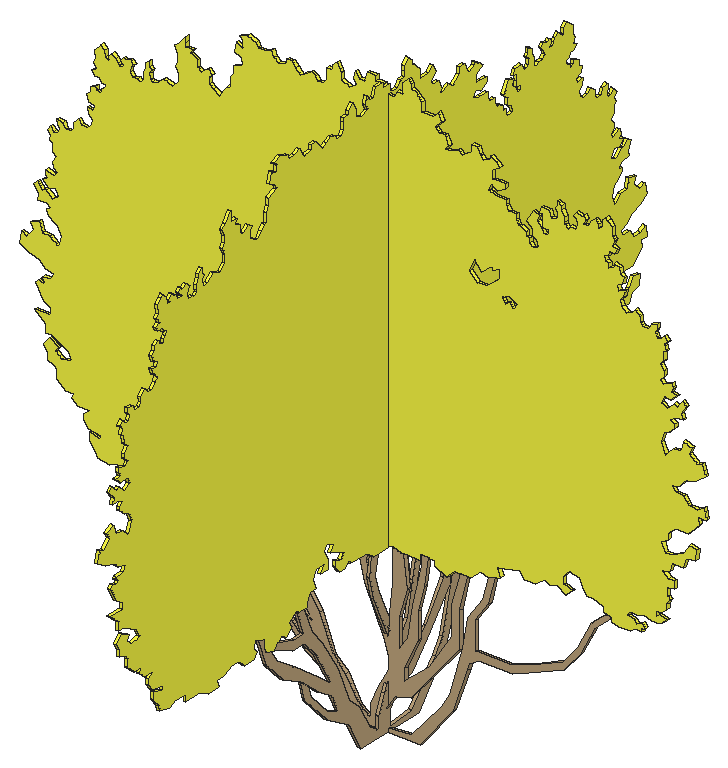
Revit family "L-PL낙엽관목_생강나무", category 수목, Revit 2019
Family settings
  OmniClass 번호 = 23.40.05.00
  OmniClass 제목 = Plants and Planting Products
  작업 기준면 기반 = 아니오
  항상 수직 = 예
  로드될 때 보이드를 사용하여 절단 = 아니오
  렌더 모양 소스 = 패밀리 형상
  공유 = 아니오
Parameters (values of type "생강나무")
  한국산업규격KS = ""
  조달청표준공사코드-세부공종 = "10161599202809"
  높이 = 1000 mm
  건설정보분류체계-부위분류 = "E985"
  LIM_INFO_주의사항 = "재배포, 재가공, 판매 금지"
  LIM_INFO_제작일 = "20211210"
  LIM_INFO_버전 = "2022_V01"
  LIM_INFO_PL_학명 = "Quercus myrsinaefolia Bl."
  LIM_INFO_PL_품명 = "가시나무"
  LIM_INFO_PL_주당인정수량 = 0
  LIM_INFO_PL_수목단위 = "주"
  LIM_INFO_PL_규격 = "5.0H X 18R"
  LIM_INFO_PL_구분 = "상록교목"
  LIM_INFO_PL_가격 = 0
  LIM_INFO_PL_Qty [instance] = 0
  LIM_INFO_PL_M2당수량 = 0
  KBIMS_식별-버전 = ""
  KBIMS_식별-bSK등록번호 = ""
  KBIMS_보급정보-저작자 = "림인포테크_MMJ"
  KBIMS_보급정보-보급코드 = ""
Reference planes
  plane 1 "중심(앞/뒤)": y = 0
  plane 2: z = 0
  plane 3 "중심(왼쪽/오른쪽)": x = 0
  plane 4: x = 482.5
  plane 5: x = -607.5
  plane 6: z = -545
  plane 7: z = -817.5
  plane 8: z = 5000
  plane 9: x = -100
  plane 10: x = 100
Dimensions and locks
  plane 4 to plane 5 = 1090 mm
  plane 6 to level = 545 mm
  plane 7 to plane 6 = 272.5 mm
  locked: level to plane 8 at 5000
  plane 9 to plane 10 = 200 mm
  aligned and locked: level to plane 2
Nested families
  nested 1: "생강나무_base" at (0, 0, 0), type "생강나무_base"
Definition of nested family "생강나무_base"
  Parameters (values of type "생강나무_base")
    Height = 6000 mm
  Reference planes
    plane 1 "중심(앞/뒤)": y = 0
    plane 2: z = 0
    plane 3 "중심(왼쪽/오른쪽)": x = 0
  Forms (mm)
    Revolve 1, solid, detail levels coarse
      sketch origin (0, 0, 0) x (1, 0, 0) y (0, 0, 1)
        loop
          line (0.01, 0) -> (0.01, 931.868) -> (-339.99, 931.868)
          arc (-339.99, 931.868) -> (-453.127, 885.005) -> (-499.99, 771.868) r 160
          line (-499.99, 771.868) -> (-499.99, 320.448)
          arc (-499.99, 320.448) -> (-476.558, 263.879) -> (-419.99, 240.448) r 80
          line (-419.99, 240.448) -> (-79.99, 240.448) -> (-79.99, 0) -> (0.01, 0)
        axis (0.01, 931.868) -> (0.01, 0)
      angle from 0 to 360
    Extrusion 2, solid, detail levels fine
      sketch origin (0, 0, 0) x (1, 0, 0) y (0, 0, 1)
        loop
          line (-306.131, 920.618) -> (-316.435, 912.506) -> (-324.242, 918.122) -> (-324.242, 928.107) -> (-336.108, 935.283) -> (-331.424, 941.524) -> (-344.227, 941.524) -> (-344.227, 949.012) -> (-344.227, 958.061) -> (-355.469, 944.02) -> (-363.276, 937.78) -> (-357.967, 925.611) -> (-357.967, 914.378) -> (-362.027, 906.889) -> (-356.718, 895.968) -> (-356.718, 882.863) -> (-366.711, 873.815) -> (-382.324, 878.807) -> (-394.151, 868.785) -> (-401.553, 868.119) -> (-405.684, 870.588) -> (-406.492, 879.568) -> (-402.609, 885.776) -> (-406.851, 889.477) -> (-407.564, 897.401) -> (-414.745, 892.317) -> (-414.143, 885.625) -> (-418.43, 876.009) -> (-417.733, 868.261) -> (-417.384, 864.387) -> (-422.98, 859.445) -> (-427.445, 863.659) -> (-436.08, 862.882) -> (-440.254, 869.784) -> (-438.292, 877.594) -> (-434.251, 882.041) -> (-439.901, 887.568) -> (-449.195, 884.246) -> (-452.781, 886.586) -> (-456.664, 880.379) -> (-450.872, 873.267) -> (-459.507, 872.489) -> (-464.753, 881.426) -> (-472.325, 886.602) -> (-478.291, 879.852) -> (-477.863, 875.098) -> (-483.819, 878.112) -> (-484.675, 887.621) -> (-491.798, 893.726) -> (-494.637, 889.742) -> (-502.344, 881.87) -> (-501.097, 868.011) -> (-504.808, 861.689) -> (-499.49, 853.329) -> (-507.883, 848.296) -> (-502.384, 841.093) -> (-493.043, 841.934) -> (-490.246, 834.857) -> (-483.706, 834.398) -> (-485.39, 826.705) -> (-490.792, 824.613) -> (-490.156, 817.547) -> (-499.852, 820.446) -> (-500.344, 825.918) -> (-509.65, 821.38) -> (-510.048, 813.383) -> (-515.718, 808.124) -> (-512.465, 798.119) -> (-502.398, 794.547) -> (-504.456, 786.302) -> (-515.505, 788.33) -> (-512.242, 778.213) -> (-506.015, 772.505) -> (-507.478, 763.866) -> (-515.507, 755.979) -> (-525.526, 757.764) -> (-531.166, 764.421) -> (-539.458, 755.727) -> (-538.675, 747.022) -> (-542.646, 741.645) -> (-553.324, 740.684) -> (-557.506, 749.271) -> (-567.906, 751.203) -> (-567.186, 743.201) -> (-563.502, 738.154) -> (-566.405, 730.543) -> (-573.168, 729.935) -> (-579.681, 736.519) -> (-584.72, 728.716) -> (-578.529, 723.715) -> (-580.69, 713.84) -> (-575.953, 711.04) -> (-574.749, 697.66) -> (-568.645, 691.891) -> (-574.732, 682.994) -> (-573.876, 673.482) -> (-567.039, 667.779) -> (-571.22, 661.536) -> (-586.68, 666.462) -> (-587.981, 658.335) -> (-583.639, 652.746) -> (-593.396, 649.499) -> (-582.038, 639.918) -> (-570.63, 642.641) -> (-564.142, 632.146) -> (-574.82, 625.081) -> (-587.703, 636.243) -> (-592.745, 633.19) -> (-601.754, 642.779) -> (-608.227, 636.77) -> (-599.303, 624.347) -> (-600.945, 614.93) -> (-586.521, 614.306) -> (-579.405, 609.407) -> (-585.448, 604.907) -> (-584.847, 598.228) -> (-575.241, 590.144) -> (-566.188, 586.542) -> (-559.528, 571.737) -> (-565.272, 553.235) -> (-579.762, 565.322) -> (-593.351, 566.142) -> (-598.272, 581.701) -> (-613.477, 575.226) -> (-607.731, 565.642) -> (-619.695, 552.195) -> (-629.534, 555.509) -> (-632.349, 536.303) -> (-616.432, 527.295) -> (-598.514, 522.552) -> (-586.906, 512.173) -> (-573.073, 508.652) -> (-576.79, 499.465) -> (-591.999, 498.096) -> (-593.618, 495.234) -> (-588.57, 491.106) -> (-591.745, 487.001) -> (-599.775, 489.614) -> (-605.268, 484.842) -> (-590.955, 460.53) -> (-579.505, 453.379) -> (-579.505, 442.892) -> (-606.222, 442.892) -> (-587.138, 426.684) -> (-587.138, 412.382) -> (-576.643, 412.382) -> (-547.615, 396.969) -> (-542.783, 384.714) -> (-559.323, 381) -> (-570.473, 390.285) -> (-564.898, 396.227) -> (-581.066, 406.068) -> (-591.473, 393.256) -> (-584.597, 382.671) -> (-584.597, 371.53) -> (-571.403, 367.259) -> (-568.429, 360.945) -> (-568.429, 347.761) -> (-553.185, 334.318) -> (-539.619, 334.318) -> (-542.22, 326.705) -> (-531.814, 317.792) -> (-511.186, 317.792) -> (-521.592, 309.25) -> (-521.592, 300.708) -> (-513.416, 289.195) -> (-491.858, 286.224) -> (-491.858, 279.168) -> (-511.371, 284.739) -> (-511.371, 271.554) -> (-501.46, 258.333) -> (-498.115, 249.234) -> (-477.115, 245.334) -> (-466.523, 251.648) -> (-441.249, 248.677) -> (-441.249, 239.021) -> (-428.983, 239.021) -> (-411.515, 239.021) -> (-392.745, 230.107) -> (-369.701, 230.107) -> (-374.863, 242.177) -> (-358.695, 242.177) -> (-342.713, 250.533) -> (-326.545, 250.533) -> (-315.209, 239.392) -> (-295.51, 239.392) -> (-287.705, 248.305) -> (-295.51, 256.29) -> (-293.094, 267.617) -> (-272.838, 260.932) -> (-272.838, 247.934) -> (-269.121, 239.392) -> (-250.166, 234.378) -> (-245.891, 239.763) -> (-234.927, 250.348) -> (-225.449, 242.92) -> (-212.069, 254.433) -> (-217.83, 262.975) -> (-204.603, 274.917) -> (-196.612, 268.789) -> (-178.772, 268.789) -> (-178.772, 277.888) -> (-173.94, 290.887) -> (-160.2, 290.887) -> (-167.546, 308.281) -> (-160.2, 320.864) -> (-141.31, 320.864) -> (-149.245, 309.763) -> (-134.662, 309.763) -> (-134.662, 326.592) -> (-142.262, 339.727) -> (-136.1, 349.578) -> (-121.722, 341.779) -> (-127.474, 331.723) -> (-114.328, 327.618) -> (-100.361, 321.872) -> (-106.729, 311.405) -> (-117.409, 314.688) -> (-117.409, 305.248) -> (-108.372, 294.575) -> (-97.486, 294.575) -> (-91.735, 302.99) -> (-84.341, 297.243) -> (-75.364, 296.335) -> (-49.327, 296.335) -> (-34.534, 285.101) -> (-29.504, 285.101) -> (3.041, 285.101) -> (12.509, 291.605) -> (28.19, 286.874) -> (39.728, 286.874) -> (63.398, 286.874) -> (63.398, 295.744) -> (87.659, 295.744) -> (87.659, 286.874) -> (108.369, 276.823) -> (122.571, 289.891) -> (148.729, 289.891) -> (166.965, 306.088) -> (181.517, 302.407) -> (202.148, 309.586) -> (197.174, 323.022) -> (235.305, 331.489) -> (243.962, 321.181) -> (261.646, 321.181) -> (277.9, 332.06) -> (286.14, 327.669) -> (300.058, 330.596) -> (314.158, 321.264) -> (325.878, 331.877) -> (310.496, 337.183) -> (310.496, 349.26) -> (321.117, 360.422) -> (339.429, 356.945) -> (344.373, 344.32) -> (351.332, 333.158) -> (362.136, 333.158) -> (380.449, 326.388) -> (380.449, 318.154) -> (391.802, 314.86) -> (394.549, 308.273) -> (405.903, 304.979) -> (427.511, 304.979) -> (435.141, 311.034) -> (446.826, 311.034) -> (446.826, 315.412) -> (452.487, 318.149) -> (447.739, 323.987) -> (438.245, 319.791) -> (434.228, 325.082) -> (422.543, 328.183) -> (426.56, 334.204) -> (438.062, 334.204) -> (449.2, 338.765) -> (464.172, 333.839) -> (472.388, 333.839) -> (481.883, 336.758) -> (490.282, 344.603) -> (477.318, 347.522) -> (472.023, 344.238) -> (472.023, 351.901) -> (479.327, 351.901) -> (489.947, 360.658) -> (489.947, 369.689) -> (495.973, 377.351) -> (491.408, 382.46) -> (491.408, 394.683) -> (503.459, 397.238) -> (503.459, 410.009) -> (493.599, 410.009) -> (483.009, 418.766) -> (496.52, 422.597) -> (499.359, 435.41) -> (518.836, 435.41) -> (524.076, 450.889) -> (540.249, 454.531) -> (542.186, 471.261) -> (529.315, 474.106) -> (520.545, 459.083) -> (499.929, 448.499) -> (487.628, 448.499) -> (481.363, 463.18) -> (493.188, 470.809) -> (493.188, 479.822) -> (505.106, 490.869) -> (527.429, 490.869) -> (546.987, 511.178) -> (544.611, 522.933) -> (558.073, 522.933) -> (555.018, 541.47) -> (544.046, 535.253) -> (528.661, 535.253) -> (519.838, 548.026) -> (504.567, 548.026) -> (500.042, 556.842) -> (513.503, 561.589) -> (524.135, 572.967) -> (541.555, 579.296) -> (556.6, 589.695) -> (552.076, 608.572) -> (542.573, 604.389) -> (529.452, 616.71) -> (534.316, 626.77) -> (518.592, 631.856) -> (515.085, 615.919) -> (501.624, 613.884) -> (488.276, 600.546) -> (480.897, 618.459) -> (486.203, 633.801) -> (494.897, 638.201) -> (503.74, 647.113) -> (503.74, 653.819) -> (497.317, 657.76) -> (503.965, 663.277) -> (518.275, 665.191) -> (515.796, 674.423) -> (523.571, 687.596) -> (516.585, 693) -> (508.472, 682.642) -> (503.176, 685.231) -> (491.345, 672.959) -> (480.078, 679.039) -> (485.599, 690.073) -> (497.205, 688.384) -> (507.659, 698.944) -> (497.65, 701.304) -> (501.474, 707.259) -> (499.449, 715.237) -> (484.493, 708.945) -> (479.77, 714.788) -> (486.067, 721.08) -> (486.067, 730.632) -> (479.207, 738.947) -> (484.77, 745.24) -> (484.77, 758.674) -> (489.237, 761.888) -> (486.199, 771.529) -> (491.917, 777.064) -> (486.199, 784.385) -> (480.302, 777.243) -> (473.512, 777.243) -> (469.939, 784.563) -> (473.155, 789.919) -> (473.155, 797.954) -> (462.97, 795.097) -> (459.575, 786.17) -> (448.854, 786.17) -> (444.416, 791.169) -> (444.416, 799.91) -> (435.378, 807.825) -> (430.357, 800.69) -> (420.539, 798.014) -> (411.836, 805.15) -> (409.604, 813.623) -> (415.294, 819.866) -> (417.638, 830.235) -> (406.815, 827.224) -> (404.025, 835.252) -> (413.732, 839.711) -> (416.075, 849.968) -> (409.956, 854.698) -> (408.843, 862.626) -> (399.168, 866.312) -> (399.168, 860.818) -> (389.772, 857.062) -> (389.772, 864.156) -> (384.203, 865.756) -> (381.837, 873.267) -> (388.31, 874.31) -> (390.461, 881.609) -> (399.839, 881.609) -> (404.671, 889.276) -> (395.861, 893.536) -> (400.408, 902.339) -> (396.145, 908.303) -> (396.145, 922.218) -> (387.763, 929.368) -> (384.578, 933.081) -> (378.031, 926.363) -> (378.031, 916.815) -> (372.369, 913.279) -> (372.369, 918.053) -> (365.822, 924.241) -> (358.745, 918.407) -> (354.321, 909.036) -> (345.651, 909.036) -> (350.782, 916.639) -> (346.359, 922.473) -> (342.997, 919.821) -> (333.442, 922.296) -> (328.311, 916.285) -> (332.734, 912.218) -> (335.388, 904.616) -> (331.85, 897.367) -> (323.179, 897.367) -> (319.11, 892.77) -> (313.094, 897.19) -> (313.094, 901.08) -> (313.094, 908.859) -> (307.962, 918.053) -> (307.962, 924.772) -> (300.354, 929.192) -> (300.354, 921.235) -> (296.461, 917.169) -> (300.885, 911.334) -> (300.885, 902.317) -> (296.992, 899.489) -> (289.56, 899.489) -> (286.887, 909.264) -> (272.096, 909.264) -> (269.447, 899.669) -> (275.187, 899.669) -> (275.187, 888.86) -> (275.187, 879.044) -> (284.569, 879.044) -> (284.569, 871.213) -> (277.063, 868.677) -> (273.31, 879.485) -> (265.252, 886.434) -> (268.564, 894.154) -> (258.299, 898.125) -> (246.709, 878.824) -> (256.298, 870.942) -> (256.298, 859.03) -> (264.466, 856.383) -> (267.513, 844.591) -> (256.87, 841.841) -> (252.248, 847.545) -> (252.248, 854.9) -> (245.848, 854.9) -> (245.848, 862.574) -> (237.527, 867.371) -> (232.727, 867.371) -> (228.567, 876.004) -> (228.567, 883.359) -> (220.566, 883.359) -> (216.086, 883.359) -> (211.605, 892.633) -> (211.605, 899.348) -> (197.524, 899.348) -> (190.484, 899.348) -> (180.883, 904.144) -> (186.635, 914.507) -> (196.555, 908.431) -> (209.996, 916.425) -> (209.996, 923.78) -> (198.475, 923.78) -> (187.595, 923.78) -> (187.595, 937.21) -> (200.715, 946.164) -> (194.955, 952.559) -> (184.714, 958.315) -> (184.714, 953.199) -> (172.874, 948.083) -> (166.793, 953.199) -> (162.313, 964.391) -> (151.752, 964.391) -> (151.752, 953.199) -> (135.751, 942.647) -> (129.02, 948.257) -> (115.42, 941.937) -> (106.564, 941.937) -> (111.941, 948.573) -> (106.248, 963.111) -> (96.127, 963.111) -> (89.169, 969.431) -> (99.922, 981.44) -> (93.28, 993.765) -> (84.741, 984.601) -> (65.132, 984.601) -> (65.132, 1000.086) -> (53.583, 1011.104) -> (47.27, 1014.653) -> (47.27, 1021.553) -> (41.351, 1027.862) -> (32.275, 1018.596) -> (32.275, 1011.104) -> (32.275, 1001.642) -> (23.002, 1001.642) -> (17.872, 990.996) -> (8.402, 990.996) -> (-0.674, 993.756) -> (-0.674, 1005.387) -> (-14.682, 1005.387) -> (-14.682, 1013.273) -> (-29.282, 1013.273) -> (-33.82, 998.684) -> (-43.093, 998.684) -> (-49.801, 1007.95) -> (-52.958, 995.727) -> (-48.223, 986.264) -> (-59.666, 979.759) -> (-74.266, 986.067) -> (-74.266, 996.516) -> (-80.797, 1011.375) -> (-89.632, 1002.743) -> (-89.632, 995.681) -> (-99.449, 995.681) -> (-99.449, 989.207) -> (-99.449, 977.044) -> (-104.553, 969.785) -> (-114.959, 969.785) -> (-119.082, 975.866) -> (-126.935, 978.809) -> (-137.145, 973.12) -> (-144.802, 968.019) -> (-153.244, 976.847) -> (-159.723, 984.891) -> (-169.147, 984.891) -> (-169.147, 977.24) -> (-183.283, 974.297) -> (-191.725, 979.79) -> (-195.063, 989.207) -> (-205.665, 984.302) -> (-218.034, 984.302) -> (-221.568, 991.953) -> (-236.685, 997.25) -> (-251.226, 991.33) -> (-245.925, 987.21) -> (-245.925, 975.439) -> (-256.331, 980.736) -> (-260.454, 964.257) -> (-248.281, 957.979) -> (-245.14, 948.759) -> (-261.435, 941.696) -> (-261.435, 929.926) -> (-267.409, 921.866) -> (-267.409, 905.953) -> (-271.781, 905.953) -> (-277.09, 898.465) -> (-285.209, 887.232) -> (-296.138, 894.408) -> (-303.008, 899.401) -> (-303.008, 909.697) -> (-298.324, 914.69) -> (-306.131, 920.618)
        loop
          line (156.88, 786.43) -> (147.711, 767.477) -> (161.649, 753.55) -> (177.246, 753.55) -> (199.811, 771.456) -> (199.811, 788.377) -> (188.528, 782.067) -> (185.797, 788.377) -> (168.842, 773.129) -> (156.88, 786.43)
        loop
          line (205.094, 746.361) -> (209.882, 737.603) -> (218.254, 742.181) -> (223.526, 732.538) -> (231.602, 743.859) -> (216.163, 752.412) -> (205.094, 746.361)
      from 0 to 5
    Extrusion 3, solid, detail levels fine
      sketch origin (0, 0, 0) x (1, 0, 0) y (0, 0, 1)
        loop
          line (-283.098, 264.318) -> (-266.074, 217.068) -> (-232.918, 180.832) -> (-193.027, 160.643) -> (-155.727, 128.031) -> (-126.715, 109.395) -> (-111.691, 77.818) -> (-134.486, 88.171) -> (-171.269, 127.513) -> (-178.424, 147.26) -> (-191.886, 158.877) -> (-183.184, 126.996) -> (-137.077, 76.265) -> (-89.414, 48.142) -> (-62.475, 0) -> (62.475, 0) -> (119.761, 72.62) -> (144.897, 145.171) -> (148.594, 155.842) -> (162.941, 166.806) -> (222.226, 166.806) -> (250.581, 177.624) -> (312.444, 204.926) -> (340.283, 238.409) -> (365.543, 288.376) -> (392.752, 312.583) -> (391.802, 314.86) -> (385.746, 316.617) -> (359.873, 295.072) -> (335.127, 247.166) -> (311.413, 217.289) -> (272.233, 199.774) -> (220.68, 179.684) -> (157.785, 179.684) -> (157.785, 227.591) -> (181.5, 261.074) -> (193.079, 306.43) -> (180.652, 302.106) -> (170.674, 263.65) -> (144.897, 226.561) -> (135.102, 175.563) -> (113.965, 96.749) -> (99.344, 72.578) -> (47.64, 10.581) -> (0.588, 6.025) -> (0.588, 31.763) -> (20.236, 59.662) -> (47.123, 68.445) -> (79.697, 108.226) -> (130.884, 171.257) -> (130.884, 234.287) -> (144.677, 289.891) -> (132.16, 289.891) -> (116.947, 237.532) -> (116.947, 186.901) -> (79.202, 127.487) -> (35.77, 89.772) -> (35.77, 109.922) -> (58.52, 161.069) -> (58.52, 207.05) -> (69.895, 248.899) -> (76.475, 295.744) -> (64.725, 295.744) -> (64.725, 279.897) -> (49.214, 212.217) -> (39.907, 157.453) -> (26.463, 138.337) -> (26.463, 185.868) -> (40.424, 233.916) -> (34.048, 286.874) -> (28.19, 286.874) -> (15.088, 290.826) -> (15.088, 234.949) -> (8.858, 187.279) -> (8.858, 158.518) -> (-9.581, 192.166) -> (-24.087, 226.331) -> (-31.34, 254.802) -> (-25.336, 285.101) -> (-29.504, 285.101) -> (-34.534, 285.101) -> (-37.915, 287.668) -> (-43.773, 255.837) -> (-34.448, 220.119) -> (0.262, 140.917) -> (6.997, 117.105) -> (6.997, 97.434) -> (-11.654, 63.269) -> (-24.635, 33.095) -> (-24.635, 11.871) -> (-43.804, 25.33) -> (-66.598, 65.707) -> (-88.875, 86.414) -> (-111.67, 145.427) -> (-147.956, 201.538) -> (-169.196, 227.939) -> (-186.231, 268.789) -> (-196.612, 268.789) -> (-202.058, 272.966) -> (-185.775, 232.08) -> (-205.979, 232.08) -> (-242.876, 242.674) -> (-245.891, 239.763) -> (-249.778, 234.867) -> (-211.16, 216.033) -> (-186.293, 216.033) -> (-159.871, 187.562) -> (-125.679, 128.031) -> (-156.763, 151.843) -> (-205.461, 189.632) -> (-245.352, 215.515) -> (-258.746, 236.648) -> (-269.121, 239.392) -> (-272.838, 247.934) -> (-272.838, 260.932) -> (-283.098, 264.318)
      from 0 to 5
    Extrusion 4, solid, detail levels fine
      sketch origin (0, 0, 0) x (0, 1, 0) y (0, 0, 1)
        loop
          line (-306.131, 920.618) -> (-316.435, 912.506) -> (-324.242, 918.122) -> (-324.242, 928.107) -> (-336.108, 935.283) -> (-331.424, 941.524) -> (-344.227, 941.524) -> (-344.227, 949.012) -> (-344.227, 958.061) -> (-355.469, 944.02) -> (-363.276, 937.78) -> (-357.967, 925.611) -> (-357.967, 914.378) -> (-362.027, 906.889) -> (-356.718, 895.968) -> (-356.718, 882.863) -> (-366.711, 873.815) -> (-382.324, 878.807) -> (-394.151, 868.785) -> (-401.553, 868.119) -> (-405.684, 870.588) -> (-406.492, 879.568) -> (-402.609, 885.776) -> (-406.851, 889.477) -> (-407.564, 897.401) -> (-414.745, 892.317) -> (-414.143, 885.625) -> (-418.43, 876.009) -> (-417.733, 868.261) -> (-417.384, 864.387) -> (-422.98, 859.445) -> (-427.445, 863.659) -> (-436.08, 862.882) -> (-440.254, 869.784) -> (-438.292, 877.594) -> (-434.251, 882.041) -> (-439.901, 887.568) -> (-449.195, 884.246) -> (-452.781, 886.586) -> (-456.664, 880.379) -> (-450.872, 873.267) -> (-459.507, 872.489) -> (-464.753, 881.426) -> (-472.325, 886.602) -> (-478.291, 879.852) -> (-477.863, 875.098) -> (-483.819, 878.112) -> (-484.675, 887.621) -> (-491.798, 893.726) -> (-494.637, 889.742) -> (-502.344, 881.87) -> (-501.097, 868.011) -> (-504.808, 861.689) -> (-499.49, 853.329) -> (-507.883, 848.296) -> (-502.384, 841.093) -> (-493.043, 841.934) -> (-490.246, 834.857) -> (-483.706, 834.398) -> (-485.39, 826.705) -> (-490.792, 824.613) -> (-490.156, 817.547) -> (-499.852, 820.446) -> (-500.344, 825.918) -> (-509.65, 821.38) -> (-510.048, 813.383) -> (-515.718, 808.124) -> (-512.465, 798.119) -> (-502.398, 794.547) -> (-504.456, 786.302) -> (-515.505, 788.33) -> (-512.242, 778.213) -> (-506.015, 772.505) -> (-507.478, 763.866) -> (-515.507, 755.979) -> (-525.526, 757.764) -> (-531.166, 764.421) -> (-539.458, 755.727) -> (-538.675, 747.022) -> (-542.646, 741.645) -> (-553.324, 740.684) -> (-557.506, 749.271) -> (-567.906, 751.203) -> (-567.186, 743.201) -> (-563.502, 738.154) -> (-566.405, 730.543) -> (-573.168, 729.935) -> (-579.681, 736.519) -> (-584.72, 728.716) -> (-578.529, 723.715) -> (-580.69, 713.84) -> (-575.953, 711.04) -> (-574.749, 697.66) -> (-568.645, 691.891) -> (-574.732, 682.994) -> (-573.876, 673.482) -> (-567.039, 667.779) -> (-571.22, 661.536) -> (-586.68, 666.462) -> (-587.981, 658.335) -> (-583.639, 652.746) -> (-593.396, 649.499) -> (-582.038, 639.918) -> (-570.63, 642.641) -> (-564.142, 632.146) -> (-574.82, 625.081) -> (-587.703, 636.243) -> (-592.745, 633.19) -> (-601.754, 642.779) -> (-608.227, 636.77) -> (-599.303, 624.347) -> (-600.945, 614.93) -> (-586.521, 614.306) -> (-579.405, 609.407) -> (-585.448, 604.907) -> (-584.847, 598.228) -> (-575.241, 590.144) -> (-566.188, 586.542) -> (-559.528, 571.737) -> (-565.272, 553.235) -> (-579.762, 565.322) -> (-593.351, 566.142) -> (-598.272, 581.701) -> (-613.477, 575.226) -> (-607.731, 565.642) -> (-619.695, 552.195) -> (-629.534, 555.509) -> (-632.349, 536.303) -> (-616.432, 527.295) -> (-598.514, 522.552) -> (-586.906, 512.173) -> (-573.073, 508.652) -> (-576.79, 499.465) -> (-591.999, 498.096) -> (-593.618, 495.234) -> (-588.57, 491.106) -> (-591.745, 487.001) -> (-599.775, 489.614) -> (-605.268, 484.842) -> (-590.955, 460.53) -> (-579.505, 453.379) -> (-579.505, 442.892) -> (-606.222, 442.892) -> (-587.138, 426.684) -> (-587.138, 412.382) -> (-576.643, 412.382) -> (-547.615, 396.969) -> (-542.783, 384.714) -> (-559.323, 381) -> (-570.473, 390.285) -> (-564.898, 396.227) -> (-581.066, 406.068) -> (-591.473, 393.256) -> (-584.597, 382.671) -> (-584.597, 371.53) -> (-571.403, 367.259) -> (-568.429, 360.945) -> (-568.429, 347.761) -> (-553.185, 334.318) -> (-539.619, 334.318) -> (-542.22, 326.705) -> (-531.814, 317.792) -> (-511.186, 317.792) -> (-521.592, 309.25) -> (-521.592, 300.708) -> (-513.416, 289.195) -> (-491.858, 286.224) -> (-491.858, 279.168) -> (-511.371, 284.739) -> (-511.371, 271.554) -> (-501.46, 258.333) -> (-498.115, 249.234) -> (-477.115, 245.334) -> (-466.523, 251.648) -> (-441.249, 248.677) -> (-441.249, 239.021) -> (-428.983, 239.021) -> (-411.515, 239.021) -> (-392.745, 230.107) -> (-369.701, 230.107) -> (-374.863, 242.177) -> (-358.695, 242.177) -> (-342.713, 250.533) -> (-326.545, 250.533) -> (-315.209, 239.392) -> (-295.51, 239.392) -> (-287.705, 248.305) -> (-295.51, 256.29) -> (-293.094, 267.617) -> (-272.838, 260.932) -> (-272.838, 247.934) -> (-269.121, 239.392) -> (-250.166, 234.378) -> (-245.891, 239.763) -> (-234.927, 250.348) -> (-225.449, 242.92) -> (-212.069, 254.433) -> (-217.83, 262.975) -> (-204.603, 274.917) -> (-196.612, 268.789) -> (-178.772, 268.789) -> (-178.772, 277.888) -> (-173.94, 290.887) -> (-160.2, 290.887) -> (-167.546, 308.281) -> (-160.2, 320.864) -> (-141.31, 320.864) -> (-149.245, 309.763) -> (-134.662, 309.763) -> (-134.662, 326.592) -> (-142.262, 339.727) -> (-136.1, 349.578) -> (-121.722, 341.779) -> (-127.474, 331.723) -> (-114.328, 327.618) -> (-100.361, 321.872) -> (-106.729, 311.405) -> (-117.409, 314.688) -> (-117.409, 305.248) -> (-108.372, 294.575) -> (-97.486, 294.575) -> (-91.735, 302.99) -> (-84.341, 297.243) -> (-75.364, 296.335) -> (-49.327, 296.335) -> (-34.534, 285.101) -> (-29.504, 285.101) -> (3.041, 285.101) -> (12.509, 291.605) -> (28.19, 286.874) -> (39.728, 286.874) -> (63.398, 286.874) -> (63.398, 295.744) -> (87.659, 295.744) -> (87.659, 286.874) -> (108.369, 276.823) -> (122.571, 289.891) -> (148.729, 289.891) -> (166.965, 306.088) -> (181.517, 302.407) -> (202.148, 309.586) -> (197.174, 323.022) -> (235.305, 331.489) -> (243.962, 321.181) -> (261.646, 321.181) -> (277.9, 332.06) -> (286.14, 327.669) -> (300.058, 330.596) -> (314.158, 321.264) -> (325.878, 331.877) -> (310.496, 337.183) -> (310.496, 349.26) -> (321.117, 360.422) -> (339.429, 356.945) -> (344.373, 344.32) -> (351.332, 333.158) -> (362.136, 333.158) -> (380.449, 326.388) -> (380.449, 318.154) -> (391.802, 314.86) -> (394.549, 308.273) -> (405.903, 304.979) -> (427.511, 304.979) -> (435.141, 311.034) -> (446.826, 311.034) -> (446.826, 315.412) -> (452.487, 318.149) -> (447.739, 323.987) -> (438.245, 319.791) -> (434.228, 325.082) -> (422.543, 328.183) -> (426.56, 334.204) -> (438.062, 334.204) -> (449.2, 338.765) -> (464.172, 333.839) -> (472.388, 333.839) -> (481.883, 336.758) -> (490.282, 344.603) -> (477.318, 347.522) -> (472.023, 344.238) -> (472.023, 351.901) -> (479.327, 351.901) -> (489.947, 360.658) -> (489.947, 369.689) -> (495.973, 377.351) -> (491.408, 382.46) -> (491.408, 394.683) -> (503.459, 397.238) -> (503.459, 410.009) -> (493.599, 410.009) -> (483.009, 418.766) -> (496.52, 422.597) -> (499.359, 435.41) -> (518.836, 435.41) -> (524.076, 450.889) -> (540.249, 454.531) -> (542.186, 471.261) -> (529.315, 474.106) -> (520.545, 459.083) -> (499.929, 448.499) -> (487.628, 448.499) -> (481.363, 463.18) -> (493.188, 470.809) -> (493.188, 479.822) -> (505.106, 490.869) -> (527.429, 490.869) -> (546.987, 511.178) -> (544.611, 522.933) -> (558.073, 522.933) -> (555.018, 541.47) -> (544.046, 535.253) -> (528.661, 535.253) -> (519.838, 548.026) -> (504.567, 548.026) -> (500.042, 556.842) -> (513.503, 561.589) -> (524.135, 572.967) -> (541.555, 579.296) -> (556.6, 589.695) -> (552.076, 608.572) -> (542.573, 604.389) -> (529.452, 616.71) -> (534.316, 626.77) -> (518.592, 631.856) -> (515.085, 615.919) -> (501.624, 613.884) -> (488.276, 600.546) -> (480.897, 618.459) -> (486.203, 633.801) -> (494.897, 638.201) -> (503.74, 647.113) -> (503.74, 653.819) -> (497.317, 657.76) -> (503.965, 663.277) -> (518.275, 665.191) -> (515.796, 674.423) -> (523.571, 687.596) -> (516.585, 693) -> (508.472, 682.642) -> (503.176, 685.231) -> (491.345, 672.959) -> (480.078, 679.039) -> (485.599, 690.073) -> (497.205, 688.384) -> (507.659, 698.944) -> (497.65, 701.304) -> (501.474, 707.259) -> (499.449, 715.237) -> (484.493, 708.945) -> (479.77, 714.788) -> (486.067, 721.08) -> (486.067, 730.632) -> (479.207, 738.947) -> (484.77, 745.24) -> (484.77, 758.674) -> (489.237, 761.888) -> (486.199, 771.529) -> (491.917, 777.064) -> (486.199, 784.385) -> (480.302, 777.243) -> (473.512, 777.243) -> (469.939, 784.563) -> (473.155, 789.919) -> (473.155, 797.954) -> (462.97, 795.097) -> (459.575, 786.17) -> (448.854, 786.17) -> (444.416, 791.169) -> (444.416, 799.91) -> (435.378, 807.825) -> (430.357, 800.69) -> (420.539, 798.014) -> (411.836, 805.15) -> (409.604, 813.623) -> (415.294, 819.866) -> (417.638, 830.235) -> (406.815, 827.224) -> (404.025, 835.252) -> (413.732, 839.711) -> (416.075, 849.968) -> (409.956, 854.698) -> (408.843, 862.626) -> (399.168, 866.312) -> (399.168, 860.818) -> (389.772, 857.062) -> (389.772, 864.156) -> (384.203, 865.756) -> (381.837, 873.267) -> (388.31, 874.31) -> (390.461, 881.609) -> (399.839, 881.609) -> (404.671, 889.276) -> (395.861, 893.536) -> (400.408, 902.339) -> (396.145, 908.303) -> (396.145, 922.218) -> (387.763, 929.368) -> (384.578, 933.081) -> (378.031, 926.363) -> (378.031, 916.815) -> (372.369, 913.279) -> (372.369, 918.053) -> (365.822, 924.241) -> (358.745, 918.407) -> (354.321, 909.036) -> (345.651, 909.036) -> (350.782, 916.639) -> (346.359, 922.473) -> (342.997, 919.821) -> (333.442, 922.296) -> (328.311, 916.285) -> (332.734, 912.218) -> (335.388, 904.616) -> (331.85, 897.367) -> (323.179, 897.367) -> (319.11, 892.77) -> (313.094, 897.19) -> (313.094, 901.08) -> (313.094, 908.859) -> (307.962, 918.053) -> (307.962, 924.772) -> (300.354, 929.192) -> (300.354, 921.235) -> (296.461, 917.169) -> (300.885, 911.334) -> (300.885, 902.317) -> (296.992, 899.489) -> (289.56, 899.489) -> (286.887, 909.264) -> (272.096, 909.264) -> (269.447, 899.669) -> (275.187, 899.669) -> (275.187, 888.86) -> (275.187, 879.044) -> (284.569, 879.044) -> (284.569, 871.213) -> (277.063, 868.677) -> (273.31, 879.485) -> (265.252, 886.434) -> (268.564, 894.154) -> (258.299, 898.125) -> (246.709, 878.824) -> (256.298, 870.942) -> (256.298, 859.03) -> (264.466, 856.383) -> (267.513, 844.591) -> (256.87, 841.841) -> (252.248, 847.545) -> (252.248, 854.9) -> (245.848, 854.9) -> (245.848, 862.574) -> (237.527, 867.371) -> (232.727, 867.371) -> (228.567, 876.004) -> (228.567, 883.359) -> (220.566, 883.359) -> (216.086, 883.359) -> (211.605, 892.633) -> (211.605, 899.348) -> (197.524, 899.348) -> (190.484, 899.348) -> (180.883, 904.144) -> (186.635, 914.507) -> (196.555, 908.431) -> (209.996, 916.425) -> (209.996, 923.78) -> (198.475, 923.78) -> (187.595, 923.78) -> (187.595, 937.21) -> (200.715, 946.164) -> (194.955, 952.559) -> (184.714, 958.315) -> (184.714, 953.199) -> (172.874, 948.083) -> (166.793, 953.199) -> (162.313, 964.391) -> (151.752, 964.391) -> (151.752, 953.199) -> (135.751, 942.647) -> (129.02, 948.257) -> (115.42, 941.937) -> (106.564, 941.937) -> (111.941, 948.573) -> (106.248, 963.111) -> (96.127, 963.111) -> (89.169, 969.431) -> (99.922, 981.44) -> (93.28, 993.765) -> (84.741, 984.601) -> (65.132, 984.601) -> (65.132, 1000.086) -> (53.583, 1011.104) -> (47.27, 1014.653) -> (47.27, 1021.553) -> (41.351, 1027.862) -> (32.275, 1018.596) -> (32.275, 1011.104) -> (32.275, 1001.642) -> (23.002, 1001.642) -> (17.872, 990.996) -> (8.402, 990.996) -> (-0.674, 993.756) -> (-0.674, 1005.387) -> (-14.682, 1005.387) -> (-14.682, 1013.273) -> (-29.282, 1013.273) -> (-33.82, 998.684) -> (-43.093, 998.684) -> (-49.801, 1007.95) -> (-52.958, 995.727) -> (-48.223, 986.264) -> (-59.666, 979.759) -> (-74.266, 986.067) -> (-74.266, 996.516) -> (-80.797, 1011.375) -> (-89.632, 1002.743) -> (-89.632, 995.681) -> (-99.449, 995.681) -> (-99.449, 989.207) -> (-99.449, 977.044) -> (-104.553, 969.785) -> (-114.959, 969.785) -> (-119.082, 975.866) -> (-126.935, 978.809) -> (-137.145, 973.12) -> (-144.802, 968.019) -> (-153.244, 976.847) -> (-159.723, 984.891) -> (-169.147, 984.891) -> (-169.147, 977.24) -> (-183.283, 974.297) -> (-191.725, 979.79) -> (-195.063, 989.207) -> (-205.665, 984.302) -> (-218.034, 984.302) -> (-221.568, 991.953) -> (-236.685, 997.25) -> (-251.226, 991.33) -> (-245.925, 987.21) -> (-245.925, 975.439) -> (-256.331, 980.736) -> (-260.454, 964.257) -> (-248.281, 957.979) -> (-245.14, 948.759) -> (-261.435, 941.696) -> (-261.435, 929.926) -> (-267.409, 921.866) -> (-267.409, 905.953) -> (-271.781, 905.953) -> (-277.09, 898.465) -> (-285.209, 887.232) -> (-296.138, 894.408) -> (-303.008, 899.401) -> (-303.008, 909.697) -> (-298.324, 914.69) -> (-306.131, 920.618)
        loop
          line (156.88, 786.43) -> (147.711, 767.477) -> (161.649, 753.55) -> (177.246, 753.55) -> (199.811, 771.456) -> (199.811, 788.377) -> (188.528, 782.067) -> (185.797, 788.377) -> (168.842, 773.129) -> (156.88, 786.43)
        loop
          line (205.094, 746.361) -> (209.882, 737.603) -> (218.254, 742.181) -> (223.526, 732.538) -> (231.602, 743.859) -> (216.163, 752.412) -> (205.094, 746.361)
      from 0 to 5
    Extrusion 5, solid, detail levels fine
      sketch origin (0, 0, 0) x (0, 1, 0) y (0, 0, 1)
        loop
          line (-283.098, 264.318) -> (-266.074, 217.068) -> (-232.918, 180.832) -> (-193.027, 160.643) -> (-155.727, 128.031) -> (-126.715, 109.395) -> (-111.691, 77.818) -> (-134.486, 88.171) -> (-171.269, 127.513) -> (-178.424, 147.26) -> (-191.886, 158.877) -> (-183.184, 126.996) -> (-137.077, 76.265) -> (-89.414, 48.142) -> (-62.475, 0) -> (62.475, 0) -> (119.761, 72.62) -> (144.897, 145.171) -> (148.594, 155.842) -> (162.941, 166.806) -> (222.226, 166.806) -> (250.581, 177.624) -> (312.444, 204.926) -> (340.283, 238.409) -> (365.543, 288.376) -> (392.752, 312.583) -> (391.802, 314.86) -> (385.746, 316.617) -> (359.873, 295.072) -> (335.127, 247.166) -> (311.413, 217.289) -> (272.233, 199.774) -> (220.68, 179.684) -> (157.785, 179.684) -> (157.785, 227.591) -> (181.5, 261.074) -> (193.079, 306.43) -> (180.652, 302.106) -> (170.674, 263.65) -> (144.897, 226.561) -> (135.102, 175.563) -> (113.965, 96.749) -> (99.344, 72.578) -> (47.64, 10.581) -> (0.588, 6.025) -> (0.588, 31.763) -> (20.236, 59.662) -> (47.123, 68.445) -> (79.697, 108.226) -> (130.884, 171.257) -> (130.884, 234.287) -> (144.677, 289.891) -> (132.16, 289.891) -> (116.947, 237.532) -> (116.947, 186.901) -> (79.202, 127.487) -> (35.77, 89.772) -> (35.77, 109.922) -> (58.52, 161.069) -> (58.52, 207.05) -> (69.895, 248.899) -> (76.475, 295.744) -> (64.725, 295.744) -> (64.725, 279.897) -> (49.214, 212.217) -> (39.907, 157.453) -> (26.463, 138.337) -> (26.463, 185.868) -> (40.424, 233.916) -> (34.048, 286.874) -> (28.19, 286.874) -> (15.088, 290.826) -> (15.088, 234.949) -> (8.858, 187.279) -> (8.858, 158.518) -> (-9.581, 192.166) -> (-24.087, 226.331) -> (-31.34, 254.802) -> (-25.336, 285.101) -> (-29.504, 285.101) -> (-34.534, 285.101) -> (-37.915, 287.668) -> (-43.773, 255.837) -> (-34.448, 220.119) -> (0.262, 140.917) -> (6.997, 117.105) -> (6.997, 97.434) -> (-11.654, 63.269) -> (-24.635, 33.095) -> (-24.635, 11.871) -> (-43.804, 25.33) -> (-66.598, 65.707) -> (-88.875, 86.414) -> (-111.67, 145.427) -> (-147.956, 201.538) -> (-169.196, 227.939) -> (-186.231, 268.789) -> (-196.612, 268.789) -> (-202.058, 272.966) -> (-185.775, 232.08) -> (-205.979, 232.08) -> (-242.876, 242.674) -> (-245.891, 239.763) -> (-249.778, 234.867) -> (-211.16, 216.033) -> (-186.293, 216.033) -> (-159.871, 187.562) -> (-125.679, 128.031) -> (-156.763, 151.843) -> (-205.461, 189.632) -> (-245.352, 215.515) -> (-258.746, 236.648) -> (-269.121, 239.392) -> (-272.838, 247.934) -> (-272.838, 260.932) -> (-283.098, 264.318)
      from 0 to 5
  Lines and regions (mm)
    symbolic lines
      curve 1: arc (127.762, -374.601, 0) -> (353.917, -177.927, 0) -> (377.27, 120.873, 0) r 395.6
      curve 2: arc (261.416, 297.436, 0) -> (-21.987, 394.955, 0) -> (-292.432, 265.779, 0) r 395.6
      curve 3: line (-83.074, -386.652, 0) -> (24.674, -108.587, 0)
      curve 4: line (24.674, -108.587, 0) -> (127.762, -374.601, 0)
      curve 5: line (377.27, 120.873, 0) -> (82.585, 75.153, 0)
      curve 6: line (82.585, 75.153, 0) -> (261.416, 297.436, 0)
      curve 7: line (-292.432, 265.779, 0) -> (-105.494, 33.434, 0)
      curve 8: line (-105.494, 33.434, 0) -> (-387.413, 77.165, 0)
      curve 9: arc (-387.413, 77.165, 0) -> (-330.166, -217.028, 0) -> (-83.074, -386.652, 0) r 395.6
      curve 10: arc (88.504, -451.521, 0) -> (409.988, -209.742, 0) -> (418.407, 192.426, 0) r 460
      curve 11: arc (347.659, 301.897, 0) -> (-22.47, 459.422, 0) -> (-374.967, 265.629, 0) r 460
      curve 12: arc (-434.398, 149.623, 0) -> (-385.753, -249.68, 0) -> (-41.675, -458.054, 0) r 460
      curve 13: line (0.588, 46, 0) -> (0.588, -46, 0)
      curve 14: line (-45.412, 0, 0) -> (46.588, 0, 0)
      curve 15: line (-41.675, -458.054, 0) -> (24.677, -286.818, 0)
      curve 16: line (24.677, -286.818, 0) -> (88.504, -451.521, 0)
      curve 17: line (418.407, 192.426, 0) -> (236.936, 164.271, 0)
      curve 18: line (236.936, 164.271, 0) -> (347.659, 301.897, 0)
      curve 19: line (-374.967, 265.629, 0) -> (-259.848, 122.548, 0)
      curve 20: line (-259.848, 122.548, 0) -> (-434.398, 149.623, 0)
  Dimensions and locks
    aligned and locked: level to plane 2
